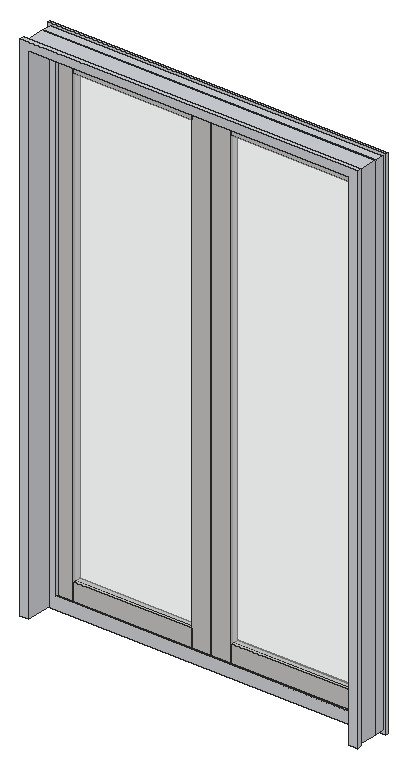
Revit family "APL Residential Thermal Heart French Door Open Out", category Doors, host Wall, Revit 2017 (continued)
Definition of nested family "APL Residential Thermal Heart French Door Open Out Vertical Section"
  Definition of nested family "Open Out Head&Sill"
    Definition of nested family "65310_Open Out Frame"
      Lines and regions (mm)
        model lines, in view "Ref. Level"
          curve 250: line (2.5, 23.9, 0) -> (2.5, 16.5, 0)
          curve 251: line (2.3, 16.3, 0) -> (1.3, 16.3, 0)
          curve 252: line (1.1, 16.5, 0) -> (1.1, 22.9, 0)
          curve 253: line (27.087, 25.768, 0) -> (28.497, 26.282, 0)
          curve 254: line (28.899, 25.974, 0) -> (28.692, 23.608, 0)
          curve 255: line (28.605, 23.422, 0) -> (28.241, 23.059, 0)
          curve 256: line (27.907, 23.148, 0) -> (27.862, 23.316, 0)
          curve 257: line (27.862, 23.316, 0) -> (25.732, 23.99, 0)
          curve 258: line (25.732, 23.99, 0) -> (25.5, 24, 0)
          curve 259: line (25.4, 23.253, 0) -> (25.4, 20.025, 0)
          curve 260: line (25.4, 20.025, 0) -> (25.206, 19.25, 0)
          curve 261: line (25.4, 19, 0) -> (25.921, 19, 0)
          curve 262: line (25.921, 19, 0) -> (27.331, 19.809, 0)
          curve 263: line (27.895, 20, 0) -> (28.145, 20, 0)
          curve 264: line (28.345, 19.8, 0) -> (28.345, 18.984, 0)
          curve 265: line (28.165, 18.6, 0) -> (25.58, 16.446, 0)
          curve 266: line (25.4, 16.062, 0) -> (25.4, 12.438, 0)
          curve 267: line (25.58, 12.054, 0) -> (28.165, 9.9, 0)
          curve 268: line (28.345, 9.516, 0) -> (28.345, 8.7, 0)
          curve 269: line (28.145, 8.5, 0) -> (27.895, 8.5, 0)
          curve 270: line (27.331, 8.691, 0) -> (26.078, 9.456, 0)
          curve 271: line (26.078, 9.456, 0) -> (25.4, 9.5, 0)
          curve 272: line (25.206, 9.25, 0) -> (25.394, 8.525, 0)
          curve 273: line (25.394, 8.525, 0) -> (25.4, 5.247, 0)
          curve 274: line (25.654, 4.5, 0) -> (27.721, 5.043, 0)
          curve 275: line (27.721, 5.043, 0) -> (27.907, 5.352, 0)
          curve 276: line (28.241, 5.441, 0) -> (28.605, 5.078, 0)
          curve 277: line (28.692, 4.892, 0) -> (28.899, 2.526, 0)
          curve 278: line (28.497, 2.218, 0) -> (27.087, 2.732, 0)
          curve 279: line (26.317, 3, 0) -> (24, 3, 0)
          curve 280: line (23.046, 3.7, 0) -> (17.783, 3.7, 0)
          curve 281: line (17.783, 3.7, 0) -> (17.559, 3.559, 0)
          curve 282: line (17.559, 3.559, 0) -> (12.4, 3.5, 0)
          curve 283: line (12.4, 3.5, 0) -> (12, 3.9, 0)
          curve 284: line (12, 3.9, 0) -> (11.6, 3.5, 0)
          curve 285: line (11.6, 3.5, 0) -> (6.583, 3.5, 0)
          curve 286: line (6.583, 3.5, 0) -> (6.359, 3.641, 0)
          curve 287: line (6.359, 3.641, 0) -> (0.5, 3.7, 0)
          curve 288: line (0, 3.2, 0) -> (0, -1.801, 0)
          curve 289: line (-0.41, -2.791, 0) -> (-5.407, -7.787, 0)
          curve 290: line (-5.7, -8.495, 0) -> (-5.7, -14.159, 0)
          curve 291: line (-0.495, -18.8, 0) -> (-0.2, -18.8, 0)
          curve 292: line (0, -19, 0) -> (0, -19.8, 0)
          curve 293: line (-0.2, -20, 0) -> (-6, -20, 0)
          curve 294: line (-7, -19, 0) -> (-7, -10.063, 0)
          curve 295: line (-8.072, -7.765, 0) -> (-14.428, -2.431, 0)
          curve 296: line (-15.5, -0.133, 0) -> (-15.5, 33, 0)
          curve 297: line (-14.5, 34, 0) -> (-12.1, 34, 0)
          curve 298: line (-11.4, 32.6, 0) -> (-14.1, 32.6, 0)
          curve 299: line (-14.1, 32.6, 0) -> (-14.1, 29.3, 0)
          curve 300: line (-14.1, 29.3, 0) -> (-12.1, 29.3, 0)
          curve 301: line (-11.4, 29.112, 0) -> (-5.375, 25.634, 0)
          curve 302: line (-4.875, 25.5, 0) -> (-2, 25.5, 0)
          curve 303: line (-2, 25.5, 0) -> (-1.6, 25.1, 0)
          curve 304: line (-1.6, 25.1, 0) -> (-1.2, 25.5, 0)
          curve 305: line (-1.2, 25.5, 0) -> (4.1, 25.5, 0)
          curve 306: line (4.1, 25.5, 0) -> (4.5, 25.1, 0)
          curve 307: line (4.5, 25.1, 0) -> (4.9, 25.5, 0)
          curve 308: line (4.9, 25.5, 0) -> (26.317, 25.5, 0)
          curve 309: arc (25.4, 19.939, 0) -> (25.517, 19.656, 0) -> (25.8, 19.539, 0) r 0.4
          curve 310: arc (26.093, 19.539, 0) -> (26.196, 19.553, 0) -> (26.293, 19.593, 0) r 0.4
          curve 311: arc (27.821, 20.478, 0) -> (28.111, 20.598, 0) -> (28.422, 20.639, 0) r 1.2
          curve 312: arc (29.345, 20.639, 0) -> (29.918, 20.82, 0) -> (30.284, 21.297, 0) r 1
          curve 313: arc (31.077, 23.476, 0) -> (31.224, 23.667, 0) -> (31.453, 23.739, 0) r 0.4
          curve 314: arc (37.947, 23.739, 0) -> (38.176, 23.667, 0) -> (38.323, 23.476, 0) r 0.4
          curve 315: arc (39.116, 21.297, 0) -> (39.482, 20.82, 0) -> (40.055, 20.639, 0) r 1
          curve 316: arc (40.978, 20.639, 0) -> (41.289, 20.598, 0) -> (41.579, 20.478, 0) r 1.2
          curve 317: arc (43.107, 19.593, 0) -> (43.204, 19.553, 0) -> (43.307, 19.539, 0) r 0.4
          curve 318: arc (43.6, 19.539, 0) -> (43.883, 19.656, 0) -> (44, 19.939, 0) r 0.4
          curve 319: arc (44, 23.339, 0) -> (43.883, 23.622, 0) -> (43.6, 23.739, 0) r 0.4
          curve 320: arc (43.307, 23.739, 0) -> (43.204, 23.725, 0) -> (43.107, 23.685, 0) r 0.4
          curve 321: arc (41.579, 22.801, 0) -> (41.285, 22.679, 0) -> (40.97, 22.639, 0) r 1.2
          curve 322: arc (40.97, 22.639, 0) -> (40.795, 22.692, 0) -> (40.684, 22.836, 0) r 0.3
          curve 323: arc (39.796, 25.276, 0) -> (39.649, 25.467, 0) -> (39.42, 25.539, 0) r 0.4
          curve 324: arc (29.98, 25.539, 0) -> (29.751, 25.467, 0) -> (29.604, 25.276, 0) r 0.4
          curve 325: arc (28.716, 22.836, 0) -> (28.605, 22.692, 0) -> (28.43, 22.639, 0) r 0.3
          curve 326: arc (28.43, 22.639, 0) -> (28.115, 22.679, 0) -> (27.821, 22.801, 0) r 1.2
          curve 327: arc (26.293, 23.685, 0) -> (26.196, 23.725, 0) -> (26.093, 23.739, 0) r 0.4
          curve 328: arc (25.8, 23.739, 0) -> (25.517, 23.622, 0) -> (25.4, 23.339, 0) r 0.4
          curve 329: line (25.8, 19.539, 0) -> (26.093, 19.539, 0)
          curve 330: line (26.293, 19.593, 0) -> (27.821, 20.478, 0)
          curve 331: line (28.422, 20.639, 0) -> (29.345, 20.639, 0)
          curve 332: line (30.284, 21.297, 0) -> (31.077, 23.476, 0)
          curve 333: line (31.453, 23.739, 0) -> (37.947, 23.739, 0)
          curve 334: line (38.323, 23.476, 0) -> (39.116, 21.297, 0)
          curve 335: line (40.055, 20.639, 0) -> (40.978, 20.639, 0)
          curve 336: line (41.579, 20.478, 0) -> (43.107, 19.593, 0)
          curve 337: line (43.307, 19.539, 0) -> (43.6, 19.539, 0)
          curve 338: line (44, 19.939, 0) -> (44, 23.339, 0)
          curve 339: line (43.6, 23.739, 0) -> (43.307, 23.739, 0)
          curve 340: line (43.107, 23.685, 0) -> (41.579, 22.801, 0)
          curve 341: line (40.684, 22.836, 0) -> (39.796, 25.276, 0)
          curve 342: line (39.42, 25.539, 0) -> (29.98, 25.539, 0)
          curve 343: line (29.604, 25.276, 0) -> (28.716, 22.836, 0)
          curve 344: line (27.821, 22.801, 0) -> (26.293, 23.685, 0)
          curve 345: line (26.093, 23.739, 0) -> (25.8, 23.739, 0)
          curve 346: line (25.4, 23.339, 0) -> (25.4, 19.939, 0)
      Text (mm)
        text "65310" at (6.108, 51.612, 0), in view "Ref. Level"
    Definition of nested family "65200_Rail"
      Reference planes
        plane 1 "Center (Front/Back)": y = 0
        plane 2: z = 0
        plane 3 "Center (Left/Right)": x = 0
      Lines and regions (mm)
        model lines, in view "Ref. Level"
          curve 1: arc (21.508, 72.285, 0) -> (21.289, 71.405, 0) -> (21.948, 70.781, 0) r 0.9
          curve 2: arc (21.948, 70.781, 0) -> (22.059, 70.711, 0) -> (22.103, 70.587, 0) r 0.2
          curve 3: arc (22.103, 69.98, 0) -> (22.249, 69.626, 0) -> (22.603, 69.48, 0) r 0.5
          curve 4: arc (26.4, 69.48, 0) -> (26.754, 69.626, 0) -> (26.9, 69.98, 0) r 0.5
          curve 5: arc (26.9, 72.45, 0) -> (26.772, 72.668, 0) -> (26.519, 72.663, 0) r 0.25
          curve 6: arc (26.434, 72.611, 0) -> (26.328, 72.479, 0) -> (26.331, 72.309, 0) r 0.25
          curve 7: arc (25.077, 71.544, 0) -> (25.002, 71.511, 0) -> (24.921, 71.5, 0) r 0.3
          curve 8: arc (24.4, 71.5, 0) -> (24.242, 71.578, 0) -> (24.206, 71.75, 0) r 0.2
          curve 9: arc (24.4, 75.753, 0) -> (24.374, 75.875, 0) -> (24.3, 75.976, 0) r 0.3
          curve 10: arc (24.3, 75.976, 0) -> (24.22, 76.307, 0) -> (24.5, 76.5, 0) r 0.3
          curve 11: arc (26.721, 75.957, 0) -> (26.81, 75.905, 0) -> (26.862, 75.816, 0) r 0.2
          curve 12: arc (26.907, 75.648, 0) -> (27.048, 75.507, 0) -> (27.241, 75.559, 0) r 0.2
          curve 13: arc (27.605, 75.922, 0) -> (27.665, 76.008, 0) -> (27.692, 76.108, 0) r 0.3
          curve 14: arc (27.899, 78.474, 0) -> (27.783, 78.738, 0) -> (27.497, 78.782, 0) r 0.3
          curve 15: arc (26.087, 78.268, 0) -> (25.961, 78.181, 0) -> (25.895, 78.043, 0) r 0.3
          curve 16: arc (25.895, 78.043, 0) -> (25.622, 77.801, 0) -> (25.317, 78, 0) r 0.3
          curve 17: arc (9.5, 78, 0) -> (9.359, 77.941, 0) -> (9.3, 77.8, 0) r 0.2
          curve 18: arc (9.3, 77.5, 0) -> (9.38, 77.2, 0) -> (9.6, 76.98, 0) r 0.6
          curve 19: arc (10.7, 76.345, 0) -> (10.773, 76.272, 0) -> (10.8, 76.172, 0) r 0.2
          curve 20: arc (10.8, 72.08, 0) -> (10.507, 71.373, 0) -> (9.8, 71.08, 0) r 1
          curve 21: arc (2.42, 71.08, 0) -> (1.721, 71.366, 0) -> (1.421, 72.06, 0) r 1
          curve 22: arc (1.322, 76.935, 0) -> (1.357, 77.052, 0) -> (1.453, 77.127, 0) r 0.2
          curve 23: arc (1.453, 77.127, 0) -> (1.621, 77.234, 0) -> (1.725, 77.403, 0) r 0.45
          curve 24: arc (1.725, 77.403, 0) -> (1.729, 77.522, 0) -> (1.665, 77.621, 0) r 0.2
          curve 25: arc (0.2, 78, 0) -> (0.059, 77.941, 0) -> (0, 77.8, 0) r 0.2
          curve 26: arc (0, 0.501, 0) -> (0.146, 0.147, 0) -> (0.5, 0, 0) r 0.5
          curve 27: arc (1, 0, 0) -> (1.354, 0.146, 0) -> (1.5, 0.5, 0) r 0.5
          curve 28: arc (1.5, 10.66, 0) -> (1.559, 10.801, 0) -> (1.7, 10.86, 0) r 0.2
          curve 29: arc (31.317, 10.86, 0) -> (31.622, 11.059, 0) -> (31.895, 10.817, 0) r 0.3
          curve 30: arc (31.895, 10.817, 0) -> (31.961, 10.679, 0) -> (32.087, 10.592, 0) r 0.3
          curve 31: arc (33.497, 10.078, 0) -> (33.783, 10.122, 0) -> (33.899, 10.386, 0) r 0.3
          curve 32: arc (33.692, 12.752, 0) -> (33.665, 12.852, 0) -> (33.605, 12.938, 0) r 0.3
          curve 33: arc (33.241, 13.301, 0) -> (33.048, 13.353, 0) -> (32.907, 13.212, 0) r 0.2
          curve 34: arc (32.862, 13.044, 0) -> (32.81, 12.955, 0) -> (32.721, 12.903, 0) r 0.2
          curve 35: arc (30.5, 12.36, 0) -> (30.22, 12.553, 0) -> (30.3, 12.884, 0) r 0.3
          curve 36: arc (30.3, 12.884, 0) -> (30.374, 12.985, 0) -> (30.4, 13.107, 0) r 0.3
          curve 37: arc (30.206, 17.11, 0) -> (30.242, 17.282, 0) -> (30.4, 17.36, 0) r 0.2
          curve 38: arc (30.921, 17.36, 0) -> (31.002, 17.349, 0) -> (31.077, 17.316, 0) r 0.3
          curve 39: arc (32.331, 16.551, 0) -> (32.328, 16.381, 0) -> (32.434, 16.249, 0) r 0.25
          curve 40: arc (32.519, 16.197, 0) -> (32.772, 16.192, 0) -> (32.9, 16.41, 0) r 0.25
          curve 41: arc (32.9, 18.88, 0) -> (32.754, 19.234, 0) -> (32.4, 19.38, 0) r 0.5
          curve 42: arc (29, 19.38, 0) -> (28.646, 19.234, 0) -> (28.5, 18.88, 0) r 0.5
          curve 43: arc (28.5, 12.96, 0) -> (28.354, 12.606, 0) -> (28, 12.46, 0) r 0.5
          curve 44: arc (23.847, 12.46, 0) -> (23.416, 12.707, 0) -> (23.41, 13.203, 0) r 0.5
          curve 45: arc (23.41, 13.203, 0) -> (23.869, 15.613, 0) -> (22.798, 17.82, 0) r 3.9
          curve 46: arc (22.798, 17.82, 0) -> (21.525, 17.837, 0) -> (21.508, 16.565, 0) r 0.9
          curve 47: arc (21.508, 16.565, 0) -> (22.103, 15.1, 0) -> (21.508, 13.635, 0) r 2.1
          curve 48: arc (21.508, 13.635, 0) -> (21.382, 13.473, 0) -> (21.297, 13.286, 0) r 0.9
          curve 49: arc (21.297, 13.286, 0) -> (21.199, 13.114, 0) -> (21.043, 12.993, 0) r 0.5
          curve 50: arc (21.043, 12.993, 0) -> (20.003, 12.75, 0) -> (18.962, 12.993, 0) r 2.35
          curve 51: arc (18.962, 12.993, 0) -> (18.806, 13.114, 0) -> (18.708, 13.286, 0) r 0.5
          curve 52: arc (18.708, 13.286, 0) -> (18.623, 13.473, 0) -> (18.498, 13.635, 0) r 0.9
          curve 53: arc (18.498, 13.635, 0) -> (17.903, 15.1, 0) -> (18.498, 16.565, 0) r 2.1
          curve 54: arc (18.498, 16.565, 0) -> (18.48, 17.837, 0) -> (17.208, 17.82, 0) r 0.9
          curve 55: arc (17.208, 17.82, 0) -> (16.136, 15.613, 0) -> (16.595, 13.203, 0) r 3.9
          curve 56: arc (16.595, 13.203, 0) -> (16.589, 12.707, 0) -> (16.158, 12.46, 0) r 0.5
          curve 57: arc (2.1, 12.46, 0) -> (1.746, 12.606, 0) -> (1.6, 12.96, 0) r 0.5
          curve 58: arc (1.6, 68.98, 0) -> (1.746, 69.334, 0) -> (2.1, 69.48, 0) r 0.5
          curve 59: arc (9.8, 69.48, 0) -> (11.638, 70.242, 0) -> (12.4, 72.08, 0) r 2.6
          curve 60: arc (12.4, 75.9, 0) -> (12.546, 76.254, 0) -> (12.9, 76.4, 0) r 0.5
          curve 61: line (22.103, 70.587, 0) -> (22.103, 69.98, 0)
          curve 62: line (22.603, 69.48, 0) -> (26.4, 69.48, 0)
          curve 63: line (26.9, 69.98, 0) -> (26.9, 72.45, 0)
          curve 64: line (26.331, 72.309, 0) -> (25.077, 71.544, 0)
          curve 65: line (25.077, 71.544, 0) -> (24.4, 71.5, 0)
          curve 66: line (24.206, 71.75, 0) -> (24.394, 72.475, 0)
          curve 67: line (24.394, 72.475, 0) -> (24.4, 75.753, 0)
          curve 68: line (24.654, 76.5, 0) -> (26.721, 75.957, 0)
          curve 69: line (26.721, 75.957, 0) -> (26.907, 75.648, 0)
          curve 70: line (27.241, 75.559, 0) -> (27.605, 75.922, 0)
          curve 71: line (27.692, 76.108, 0) -> (27.899, 78.474, 0)
          curve 72: line (27.497, 78.782, 0) -> (26.087, 78.268, 0)
          curve 73: line (25.317, 78, 0) -> (9.5, 78, 0)
          curve 74: line (9.3, 77.8, 0) -> (9.3, 77.5, 0)
          curve 75: line (9.6, 76.98, 0) -> (10.7, 76.345, 0)
          curve 76: line (10.8, 76.172, 0) -> (10.8, 72.08, 0)
          curve 77: line (9.8, 71.08, 0) -> (2.42, 71.08, 0)
          curve 78: line (1.421, 72.06, 0) -> (1.322, 76.935, 0)
          curve 79: line (1.665, 77.621, 0) -> (1.269, 77.953, 0)
          curve 80: line (1.269, 77.953, 0) -> (0.2, 78, 0)
          curve 81: line (0, 77.8, 0) -> (0, 0.501, 0)
          curve 82: line (0.5, 0, 0) -> (1, 0, 0)
          curve 83: line (1.5, 0.5, 0) -> (1.5, 10.66, 0)
          curve 84: line (1.7, 10.86, 0) -> (31.317, 10.86, 0)
          curve 85: line (32.087, 10.592, 0) -> (33.497, 10.078, 0)
          curve 86: line (33.899, 10.386, 0) -> (33.692, 12.752, 0)
          curve 87: line (33.605, 12.938, 0) -> (33.241, 13.301, 0)
          curve 88: line (32.907, 13.212, 0) -> (32.862, 13.044, 0)
          curve 89: line (32.862, 13.044, 0) -> (30.732, 12.37, 0)
          curve 90: line (30.732, 12.37, 0) -> (30.5, 12.36, 0)
          curve 91: line (30.4, 13.107, 0) -> (30.4, 16.335, 0)
          curve 92: line (30.4, 16.335, 0) -> (30.206, 17.11, 0)
          curve 93: line (30.4, 17.36, 0) -> (30.921, 17.36, 0)
          curve 94: line (30.921, 17.36, 0) -> (32.331, 16.551, 0)
          curve 95: line (32.9, 16.41, 0) -> (32.9, 18.88, 0)
          curve 96: line (32.4, 19.38, 0) -> (29, 19.38, 0)
          curve 97: line (28.5, 18.88, 0) -> (28.5, 12.96, 0)
          curve 98: line (28, 12.46, 0) -> (23.847, 12.46, 0)
          curve 99: line (16.158, 12.46, 0) -> (2.1, 12.46, 0)
          curve 100: line (1.6, 12.96, 0) -> (1.6, 68.98, 0)
          curve 101: line (2.1, 69.48, 0) -> (9.8, 69.48, 0)
          curve 102: line (12.4, 72.08, 0) -> (12.4, 75.9, 0)
          curve 103: line (12.9, 76.4, 0) -> (16.164, 76.4, 0)
          curve 104: arc (16.164, 76.4, 0) -> (16.595, 76.153, 0) -> (16.6, 75.656, 0) r 0.5
          curve 105: arc (16.6, 75.656, 0) -> (16.136, 73.242, 0) -> (17.208, 71.03, 0) r 3.9
          curve 106: arc (17.208, 71.03, 0) -> (18.48, 71.013, 0) -> (18.498, 72.285, 0) r 0.9
          curve 107: arc (18.498, 72.285, 0) -> (17.903, 73.75, 0) -> (18.498, 75.215, 0) r 2.1
          curve 108: arc (18.498, 75.215, 0) -> (18.623, 75.377, 0) -> (18.708, 75.564, 0) r 0.9
          curve 109: arc (18.708, 75.564, 0) -> (18.806, 75.736, 0) -> (18.962, 75.857, 0) r 0.5
          curve 110: arc (18.962, 75.857, 0) -> (20.003, 76.1, 0) -> (21.043, 75.857, 0) r 2.35
          curve 111: arc (21.043, 75.857, 0) -> (21.199, 75.736, 0) -> (21.297, 75.564, 0) r 0.5
          curve 112: arc (21.297, 75.564, 0) -> (21.382, 75.377, 0) -> (21.508, 75.215, 0) r 0.9
          curve 113: arc (21.508, 75.215, 0) -> (22.103, 73.75, 0) -> (21.508, 72.285, 0) r 2.1
          curve 114: arc (30.4, 16.46, 0) -> (30.517, 16.743, 0) -> (30.8, 16.86, 0) r 0.4
          curve 115: arc (31.093, 16.86, 0) -> (31.196, 16.846, 0) -> (31.293, 16.806, 0) r 0.4
          curve 116: arc (32.821, 15.921, 0) -> (33.111, 15.801, 0) -> (33.422, 15.76, 0) r 1.2
          curve 117: arc (34.345, 15.76, 0) -> (34.918, 15.579, 0) -> (35.284, 15.102, 0) r 1
          curve 118: arc (36.077, 12.923, 0) -> (36.224, 12.732, 0) -> (36.453, 12.66, 0) r 0.4
          curve 119: arc (42.947, 12.66, 0) -> (43.176, 12.732, 0) -> (43.323, 12.923, 0) r 0.4
          curve 120: arc (44.116, 15.102, 0) -> (44.482, 15.579, 0) -> (45.055, 15.76, 0) r 1
          curve 121: arc (45.978, 15.76, 0) -> (46.289, 15.801, 0) -> (46.579, 15.921, 0) r 1.2
          curve 122: arc (48.107, 16.806, 0) -> (48.204, 16.846, 0) -> (48.307, 16.86, 0) r 0.4
          curve 123: arc (48.6, 16.86, 0) -> (48.883, 16.743, 0) -> (49, 16.46, 0) r 0.4
          curve 124: arc (49, 13.06, 0) -> (48.883, 12.777, 0) -> (48.6, 12.66, 0) r 0.4
          curve 125: arc (48.307, 12.66, 0) -> (48.204, 12.674, 0) -> (48.107, 12.714, 0) r 0.4
          curve 126: arc (46.579, 13.599, 0) -> (46.285, 13.72, 0) -> (45.97, 13.76, 0) r 1.2
          curve 127: arc (45.97, 13.76, 0) -> (45.795, 13.707, 0) -> (45.684, 13.563, 0) r 0.3
          curve 128: arc (44.796, 11.123, 0) -> (44.649, 10.932, 0) -> (44.42, 10.86, 0) r 0.4
          curve 129: arc (34.98, 10.86, 0) -> (34.751, 10.932, 0) -> (34.604, 11.123, 0) r 0.4
          curve 130: arc (33.716, 13.563, 0) -> (33.605, 13.707, 0) -> (33.43, 13.76, 0) r 0.3
          curve 131: arc (33.43, 13.76, 0) -> (33.115, 13.72, 0) -> (32.821, 13.599, 0) r 1.2
          curve 132: arc (31.293, 12.714, 0) -> (31.196, 12.674, 0) -> (31.093, 12.66, 0) r 0.4
          curve 133: arc (30.8, 12.66, 0) -> (30.517, 12.777, 0) -> (30.4, 13.06, 0) r 0.4
          curve 134: line (30.8, 16.86, 0) -> (31.093, 16.86, 0)
          curve 135: line (31.293, 16.806, 0) -> (32.821, 15.921, 0)
          curve 136: line (33.422, 15.76, 0) -> (34.345, 15.76, 0)
          curve 137: line (35.284, 15.102, 0) -> (36.077, 12.923, 0)
          curve 138: line (36.453, 12.66, 0) -> (42.947, 12.66, 0)
          curve 139: line (43.323, 12.923, 0) -> (44.116, 15.102, 0)
          curve 140: line (45.055, 15.76, 0) -> (45.978, 15.76, 0)
          curve 141: line (46.579, 15.921, 0) -> (48.107, 16.806, 0)
          curve 142: line (48.307, 16.86, 0) -> (48.6, 16.86, 0)
          curve 143: line (49, 16.46, 0) -> (49, 13.06, 0)
          curve 144: line (48.6, 12.66, 0) -> (48.307, 12.66, 0)
          curve 145: line (48.107, 12.714, 0) -> (46.579, 13.599, 0)
          curve 146: line (45.684, 13.563, 0) -> (44.796, 11.123, 0)
          curve 147: line (44.42, 10.86, 0) -> (34.98, 10.86, 0)
          curve 148: line (34.604, 11.123, 0) -> (33.716, 13.563, 0)
          curve 149: line (32.821, 13.599, 0) -> (31.293, 12.714, 0)
          curve 150: line (31.093, 12.66, 0) -> (30.8, 12.66, 0)
          curve 151: line (30.4, 13.06, 0) -> (30.4, 16.46, 0)
          curve 152: arc (24.4, 72.4, 0) -> (24.517, 72.117, 0) -> (24.8, 72, 0) r 0.4
          curve 153: arc (25.093, 72, 0) -> (25.196, 72.014, 0) -> (25.293, 72.054, 0) r 0.4
          curve 154: arc (26.821, 72.939, 0) -> (27.111, 73.059, 0) -> (27.422, 73.1, 0) r 1.2
          curve 155: arc (28.345, 73.1, 0) -> (28.918, 73.281, 0) -> (29.284, 73.758, 0) r 1
          curve 156: arc (30.077, 75.937, 0) -> (30.224, 76.128, 0) -> (30.453, 76.2, 0) r 0.4
          curve 157: arc (36.947, 76.2, 0) -> (37.176, 76.128, 0) -> (37.323, 75.937, 0) r 0.4
          curve 158: arc (38.116, 73.758, 0) -> (38.482, 73.281, 0) -> (39.055, 73.1, 0) r 1
          curve 159: arc (39.978, 73.1, 0) -> (40.289, 73.059, 0) -> (40.579, 72.939, 0) r 1.2
          curve 160: arc (42.107, 72.054, 0) -> (42.204, 72.014, 0) -> (42.307, 72, 0) r 0.4
          curve 161: arc (42.6, 72, 0) -> (42.883, 72.117, 0) -> (43, 72.4, 0) r 0.4
          curve 162: arc (43, 75.8, 0) -> (42.883, 76.083, 0) -> (42.6, 76.2, 0) r 0.4
          curve 163: arc (42.307, 76.2, 0) -> (42.204, 76.186, 0) -> (42.107, 76.146, 0) r 0.4
          curve 164: arc (40.579, 75.261, 0) -> (40.285, 75.14, 0) -> (39.97, 75.1, 0) r 1.2
          curve 165: arc (39.97, 75.1, 0) -> (39.795, 75.153, 0) -> (39.684, 75.297, 0) r 0.3
          curve 166: arc (38.796, 77.737, 0) -> (38.649, 77.928, 0) -> (38.42, 78, 0) r 0.4
          curve 167: arc (28.98, 78, 0) -> (28.751, 77.928, 0) -> (28.604, 77.737, 0) r 0.4
          curve 168: arc (27.716, 75.297, 0) -> (27.605, 75.153, 0) -> (27.43, 75.1, 0) r 0.3
          curve 169: arc (27.43, 75.1, 0) -> (27.115, 75.14, 0) -> (26.821, 75.261, 0) r 1.2
          curve 170: arc (25.293, 76.146, 0) -> (25.196, 76.186, 0) -> (25.093, 76.2, 0) r 0.4
          curve 171: arc (24.8, 76.2, 0) -> (24.517, 76.083, 0) -> (24.4, 75.8, 0) r 0.4
          curve 172: line (24.8, 72, 0) -> (25.093, 72, 0)
          curve 173: line (25.293, 72.054, 0) -> (26.821, 72.939, 0)
          curve 174: line (27.422, 73.1, 0) -> (28.345, 73.1, 0)
          curve 175: line (29.284, 73.758, 0) -> (30.077, 75.937, 0)
          curve 176: line (30.453, 76.2, 0) -> (36.947, 76.2, 0)
          curve 177: line (37.323, 75.937, 0) -> (38.116, 73.758, 0)
          curve 178: line (39.055, 73.1, 0) -> (39.978, 73.1, 0)
          curve 179: line (40.579, 72.939, 0) -> (42.107, 72.054, 0)
          curve 180: line (42.307, 72, 0) -> (42.6, 72, 0)
          curve 181: line (43, 72.4, 0) -> (43, 75.8, 0)
          curve 182: line (42.6, 76.2, 0) -> (42.307, 76.2, 0)
          curve 183: line (42.107, 76.146, 0) -> (40.579, 75.261, 0)
          curve 184: line (39.684, 75.297, 0) -> (38.796, 77.737, 0)
          curve 185: line (38.42, 78, 0) -> (28.98, 78, 0)
          curve 186: line (28.604, 77.737, 0) -> (27.716, 75.297, 0)
          curve 187: line (26.821, 75.261, 0) -> (25.293, 76.146, 0)
          curve 188: line (25.093, 76.2, 0) -> (24.8, 76.2, 0)
          curve 189: line (24.4, 75.8, 0) -> (24.4, 72.4, 0)
          curve 190: arc (44.4, 69.6, 0) -> (44.754, 69.746, 0) -> (44.9, 70.1, 0) r 0.5
          curve 191: arc (44.9, 76.091, 0) -> (44.955, 76.318, 0) -> (45.108, 76.496, 0) r 0.5
          curve 192: arc (45.108, 76.496, 0) -> (45.336, 76.687, 0) -> (45.535, 76.908, 0) r 2.1
          curve 193: arc (45.535, 76.908, 0) -> (45.71, 77.049, 0) -> (45.929, 77.1, 0) r 0.5
          curve 194: arc (49, 77.1, 0) -> (49.354, 76.954, 0) -> (49.5, 76.6, 0) r 0.5
          curve 195: arc (49.5, 23.4, 0) -> (49.354, 23.046, 0) -> (49, 22.9, 0) r 0.5
          curve 196: arc (44.8, 22.9, 0) -> (44.659, 22.841, 0) -> (44.6, 22.7, 0) r 0.2
          curve 197: arc (44.6, 21.1, 0) -> (44.659, 20.959, 0) -> (44.8, 20.9, 0) r 0.2
          curve 198: arc (49.295, 20.9, 0) -> (49.436, 20.841, 0) -> (49.495, 20.7, 0) r 0.2
          curve 199: arc (49.495, 19.46, 0) -> (49.436, 19.319, 0) -> (49.295, 19.26, 0) r 0.2
          curve 200: arc (47.809, 19.26, 0) -> (47.674, 19.241, 0) -> (47.549, 19.187, 0) r 0.5
          curve 201: arc (46.979, 18.839, 0) -> (46.628, 18.475, 0) -> (46.5, 17.986, 0) r 1
          curve 202: arc (46.5, 16.41, 0) -> (46.628, 16.192, 0) -> (46.88, 16.197, 0) r 0.25
          curve 203: arc (46.966, 16.249, 0) -> (47.072, 16.381, 0) -> (47.069, 16.551, 0) r 0.25
          curve 204: arc (48.323, 17.316, 0) -> (48.398, 17.349, 0) -> (48.479, 17.36, 0) r 0.3
          curve 205: arc (49, 17.36, 0) -> (49.158, 17.282, 0) -> (49.194, 17.11, 0) r 0.2
          curve 206: arc (49, 13.107, 0) -> (49.026, 12.985, 0) -> (49.1, 12.884, 0) r 0.3
          curve 207: arc (49.1, 12.884, 0) -> (49.18, 12.553, 0) -> (48.9, 12.36, 0) r 0.3
          curve 208: arc (46.679, 12.903, 0) -> (46.59, 12.955, 0) -> (46.538, 13.044, 0) r 0.2
          curve 209: arc (46.493, 13.212, 0) -> (46.352, 13.353, 0) -> (46.159, 13.301, 0) r 0.2
          curve 210: arc (45.795, 12.938, 0) -> (45.735, 12.852, 0) -> (45.708, 12.752, 0) r 0.3
          curve 211: arc (45.501, 10.386, 0) -> (45.617, 10.122, 0) -> (45.903, 10.078, 0) r 0.3
          curve 212: arc (47.313, 10.592, 0) -> (47.439, 10.679, 0) -> (47.505, 10.817, 0) r 0.3
          curve 213: arc (47.505, 10.817, 0) -> (47.778, 11.059, 0) -> (48.083, 10.86, 0) r 0.3
          curve 214: arc (49.4, 10.86, 0) -> (49.754, 10.714, 0) -> (49.9, 10.36, 0) r 0.5
          curve 215: arc (49.9, 0.5, 0) -> (50.046, 0.146, 0) -> (50.4, 0, 0) r 0.5
          curve 216: arc (50.9, 0, 0) -> (51.254, 0.146, 0) -> (51.4, 0.5, 0) r 0.5
          curve 217: arc (51.4, 96.5, 0) -> (51.254, 96.854, 0) -> (50.9, 97, 0) r 0.5
          curve 218: arc (43, 97, 0) -> (42.646, 96.854, 0) -> (42.5, 96.5, 0) r 0.5
          curve 219: arc (42.5, 95.25, 0) -> (43, 94.75, 0) -> (43.5, 95.25, 0) r 0.5
          curve 220: arc (43.5, 95.8, 0) -> (43.559, 95.941, 0) -> (43.7, 96, 0) r 0.2
          curve 221: arc (44.8, 96, 0) -> (44.941, 95.941, 0) -> (45, 95.8, 0) r 0.2
          curve 222: arc (45, 90.7, 0) -> (44.941, 90.559, 0) -> (44.8, 90.5, 0) r 0.2
          curve 223: arc (43.7, 90.5, 0) -> (43.559, 90.559, 0) -> (43.5, 90.7, 0) r 0.2
          curve 224: arc (43.5, 91.25, 0) -> (43, 91.75, 0) -> (42.5, 91.25, 0) r 0.5
          curve 225: arc (42.5, 89.7, 0) -> (42.559, 89.559, 0) -> (42.7, 89.5, 0) r 0.2
          curve 226: arc (46.3, 89.5, 0) -> (46.441, 89.559, 0) -> (46.5, 89.7, 0) r 0.2
          curve 227: arc (46.5, 95, 0) -> (46.646, 95.354, 0) -> (47, 95.5, 0) r 0.5
          curve 228: arc (49, 95.5, 0) -> (49.354, 95.354, 0) -> (49.5, 95, 0) r 0.5
          curve 229: arc (49.5, 79.5, 0) -> (49.354, 79.146, 0) -> (49, 79, 0) r 0.5
          curve 230: arc (44.88, 79, 0) -> (44.739, 78.941, 0) -> (44.68, 78.8, 0) r 0.2
          curve 231: arc (44.68, 78.2, 0) -> (44.621, 78.059, 0) -> (44.48, 78, 0) r 0.2
          curve 232: arc (42.083, 78, 0) -> (41.778, 77.801, 0) -> (41.505, 78.043, 0) r 0.3
          curve 233: arc (41.505, 78.043, 0) -> (41.439, 78.181, 0) -> (41.313, 78.268, 0) r 0.3
          curve 234: arc (39.903, 78.782, 0) -> (39.617, 78.738, 0) -> (39.501, 78.474, 0) r 0.3
          curve 235: arc (39.708, 76.108, 0) -> (39.735, 76.008, 0) -> (39.795, 75.922, 0) r 0.3
          curve 236: arc (40.159, 75.559, 0) -> (40.352, 75.507, 0) -> (40.493, 75.648, 0) r 0.2
          curve 237: arc (40.538, 75.816, 0) -> (40.59, 75.905, 0) -> (40.679, 75.957, 0) r 0.2
          curve 238: arc (42.9, 76.5, 0) -> (43.18, 76.307, 0) -> (43.1, 75.976, 0) r 0.3
          curve 239: arc (43.1, 75.976, 0) -> (43.026, 75.875, 0) -> (43, 75.753, 0) r 0.3
          curve 240: arc (43.194, 71.75, 0) -> (43.158, 71.578, 0) -> (43, 71.5, 0) r 0.2
          curve 241: arc (42.479, 71.5, 0) -> (42.398, 71.511, 0) -> (42.323, 71.544, 0) r 0.3
          curve 242: arc (41.069, 72.309, 0) -> (41.072, 72.479, 0) -> (40.966, 72.611, 0) r 0.25
          curve 243: arc (40.88, 72.663, 0) -> (40.628, 72.668, 0) -> (40.5, 72.45, 0) r 0.25
          curve 244: arc (40.5, 70.874, 0) -> (40.628, 70.385, 0) -> (40.979, 70.021, 0) r 1
          curve 245: arc (41.549, 69.673, 0) -> (41.674, 69.619, 0) -> (41.809, 69.6, 0) r 0.5
          curve 246: line (44.9, 70.1, 0) -> (44.9, 76.091, 0)
          curve 247: line (45.929, 77.1, 0) -> (49, 77.1, 0)
          curve 248: line (49.5, 76.6, 0) -> (49.5, 23.4, 0)
          curve 249: line (49, 22.9, 0) -> (44.8, 22.9, 0)
          curve 250: line (44.6, 22.7, 0) -> (44.6, 21.1, 0)
          curve 251: line (44.8, 20.9, 0) -> (49.295, 20.9, 0)
          curve 252: line (49.495, 20.7, 0) -> (49.495, 19.46, 0)
          curve 253: line (49.295, 19.26, 0) -> (47.809, 19.26, 0)
          curve 254: line (47.549, 19.187, 0) -> (46.979, 18.839, 0)
          curve 255: line (46.5, 17.986, 0) -> (46.5, 16.41, 0)
          curve 256: line (47.069, 16.551, 0) -> (48.323, 17.316, 0)
          curve 257: line (48.323, 17.316, 0) -> (49, 17.36, 0)
          curve 258: line (49.194, 17.11, 0) -> (49.006, 16.385, 0)
          curve 259: line (49.006, 16.385, 0) -> (49, 13.107, 0)
          curve 260: line (48.746, 12.36, 0) -> (46.679, 12.903, 0)
          curve 261: line (46.679, 12.903, 0) -> (46.493, 13.212, 0)
          curve 262: line (46.159, 13.301, 0) -> (45.795, 12.938, 0)
          curve 263: line (45.708, 12.752, 0) -> (45.501, 10.386, 0)
          curve 264: line (45.903, 10.078, 0) -> (47.313, 10.592, 0)
          curve 265: line (48.083, 10.86, 0) -> (49.4, 10.86, 0)
          curve 266: line (49.9, 10.36, 0) -> (49.9, 0.5, 0)
          curve 267: line (50.4, 0, 0) -> (50.9, 0, 0)
          curve 268: line (51.4, 0.5, 0) -> (51.4, 96.5, 0)
          curve 269: line (43, 97, 0) -> (50.9, 97, 0)
          curve 270: line (50.9, 97, 0) -> (43, 97, 0)
          curve 271: line (42.5, 96.5, 0) -> (42.5, 95.25, 0)
          curve 272: line (43.5, 95.25, 0) -> (43.5, 95.8, 0)
          curve 273: line (43.7, 96, 0) -> (44.8, 96, 0)
          curve 274: line (45, 95.8, 0) -> (45, 90.7, 0)
          curve 275: line (44.8, 90.5, 0) -> (43.7, 90.5, 0)
          curve 276: line (43.5, 90.7, 0) -> (43.5, 91.25, 0)
          curve 277: line (42.5, 91.25, 0) -> (42.5, 89.7, 0)
          curve 278: line (42.7, 89.5, 0) -> (46.3, 89.5, 0)
          curve 279: line (46.5, 89.7, 0) -> (46.5, 95, 0)
          curve 280: line (47, 95.5, 0) -> (49, 95.5, 0)
          curve 281: line (49.5, 95, 0) -> (49.5, 79.5, 0)
          curve 282: line (49, 79, 0) -> (44.88, 79, 0)
          curve 283: line (44.68, 78.8, 0) -> (44.68, 78.2, 0)
          curve 284: line (44.48, 78, 0) -> (42.083, 78, 0)
          curve 285: line (41.313, 78.268, 0) -> (39.903, 78.782, 0)
          curve 286: line (39.501, 78.474, 0) -> (39.708, 76.108, 0)
          curve 287: line (39.795, 75.922, 0) -> (40.159, 75.559, 0)
          curve 288: line (40.493, 75.648, 0) -> (40.538, 75.816, 0)
          curve 289: line (40.538, 75.816, 0) -> (42.668, 76.49, 0)
          curve 290: line (42.668, 76.49, 0) -> (42.9, 76.5, 0)
          curve 291: line (43, 75.753, 0) -> (43, 72.525, 0)
          curve 292: line (43, 72.525, 0) -> (43.194, 71.75, 0)
          curve 293: line (43, 71.5, 0) -> (42.479, 71.5, 0)
          curve 294: line (42.479, 71.5, 0) -> (41.069, 72.309, 0)
          curve 295: line (40.5, 72.45, 0) -> (40.5, 70.874, 0)
          curve 296: line (40.979, 70.021, 0) -> (41.549, 69.673, 0)
          curve 297: line (41.809, 69.6, 0) -> (44.4, 69.6, 0)
      Text (mm)
        text "65200" at (8.462, 126.741, 0), in view "Ref. Level"
  Definition of nested family "Glazing Bead"
    Parameters (values of type "Glazing Bead")
      Glass Lenght [instance] = 50 mm
    Reference planes
      plane 1 "Center (Front/Back)": y = 0
      plane 2: z = 0
      plane 3 "Center (Left/Right)": x = 0
      plane 4: y = -50
    Lines and regions (mm)
      Filled region 1, type "Solid Fill - Black", in view "Ref. Level"
        outline origin (0, 0, 0) x (1, 0, 0) y (0, 1, 0)
          loop
            line (4, 0) -> (4, -12) -> (20, -12) -> (20, 0) -> (4, 0)
      model lines, in view "Ref. Level"
        curve 1: line (4, -12, 0) -> (20, -12, 0)
        curve 2: line (0, -50, 0) -> (0, 0, 0)
        curve 3: line (0, 0, 0) -> (24, 0, 0)
        curve 4: line (24, 0, 0) -> (24, -50, 0)
        curve 5: line (20, 0, 0) -> (20, -50, 0)
        curve 6: line (4, 0, 0) -> (4, -50, 0)
      detail lines, in view "Ref. Level"
        curve 7: arc (-0.25, -4.9, 0) -> (0, -5.15, 0) -> (-0.25, -5.4, 0) r 0.25
        curve 8: arc (-0.25, -8.45, 0) -> (0, -8.7, 0) -> (-0.25, -8.95, 0) r 0.25
        curve 9: arc (-0.25, -9.619, 0) -> (0, -9.869, 0) -> (-0.25, -10.119, 0) r 0.25
        curve 10: arc (-0.25, -10.787, 0) -> (0, -11.037, 0) -> (-0.25, -11.287, 0) r 0.25
        curve 11: line (-0.25, -12.456, 0) -> (-1, -12.456, 0)
        curve 12: line (-1, -12.456, 0) -> (-1, -8.45, 0)
        curve 13: line (-1, -8.45, 0) -> (-2.2, -8.45, 0)
        curve 14: line (-2.2, -8.45, 0) -> (-2.2, -9.2, 0)
        curve 15: line (-2.2, -9.2, 0) -> (-2.8, -9.2, 0)
        curve 16: line (-2.8, -9.2, 0) -> (-2.8, -6.1, 0)
        curve 17: line (-2.8, -6.1, 0) -> (-2.2, -6.1, 0)
        curve 18: line (-2.2, -6.1, 0) -> (-2.2, -6.85, 0)
        curve 19: line (-2.2, -6.85, 0) -> (-1, -6.85, 0)
        curve 20: line (-1, -6.85, 0) -> (-1, -4.9, 0)
        curve 21: line (-1, -4.9, 0) -> (-0.25, -4.9, 0)
        curve 22: line (-0.25, -5.4, 0) -> (-0.25, -8.45, 0)
        curve 23: line (-0.25, -8.95, 0) -> (-0.25, -9.619, 0)
        curve 24: line (-0.25, -10.119, 0) -> (-0.25, -10.787, 0)
        curve 25: line (-0.25, -11.287, 0) -> (-0.25, -11.956, 0)
        curve 26: arc (-0.25, -11.956, 0) -> (0, -12.206, 0) -> (-0.25, -12.456, 0) r 0.25
      detail lines, in view "Ref. Level", not visible
        curve 27: arc (-0.25, -4.9, 0) -> (0, -5.15, 0) -> (-0.25, -5.4, 0) r 0.25
        curve 28: arc (-0.25, -8.45, 0) -> (0, -8.7, 0) -> (-0.25, -8.95, 0) r 0.25
        curve 29: arc (-0.25, -9.619, 0) -> (0, -9.869, 0) -> (-0.25, -10.119, 0) r 0.25
        curve 30: arc (-0.25, -10.787, 0) -> (0, -11.037, 0) -> (-0.25, -11.287, 0) r 0.25
        curve 31: line (-0.25, -12.456, 0) -> (-1, -12.456, 0)
        curve 32: line (-1, -12.456, 0) -> (-1, -8.45, 0)
        curve 33: line (-1, -8.45, 0) -> (-2.2, -8.45, 0)
        curve 34: line (-2.2, -8.45, 0) -> (-2.2, -9.2, 0)
        curve 35: line (-2.2, -9.2, 0) -> (-2.8, -9.2, 0)
        curve 36: line (-2.8, -9.2, 0) -> (-2.8, -6.1, 0)
        curve 37: line (-2.8, -6.1, 0) -> (-2.2, -6.1, 0)
        curve 38: line (-2.2, -6.1, 0) -> (-2.2, -6.85, 0)
        curve 39: line (-2.2, -6.85, 0) -> (-1, -6.85, 0)
        curve 40: line (-1, -6.85, 0) -> (-1, -4.9, 0)
        curve 41: line (-1, -4.9, 0) -> (-0.25, -4.9, 0)
        curve 42: line (-0.25, -5.4, 0) -> (-0.25, -8.45, 0)
        curve 43: line (-0.25, -8.95, 0) -> (-0.25, -9.619, 0)
        curve 44: line (-0.25, -10.119, 0) -> (-0.25, -10.787, 0)
        curve 45: line (-0.25, -11.287, 0) -> (-0.25, -11.956, 0)
        curve 46: arc (-0.25, -11.956, 0) -> (0, -12.206, 0) -> (-0.25, -12.456, 0) r 0.25
        curve 47: arc (62.983, -3.041, 0) -> (62.673, -2.901, 0) -> (62.511, -3.2, 0) r 0.25
        curve 48: arc (62.537, -13.088, 0) -> (62.7, -13.387, 0) -> (63.01, -13.247, 0) r 0.25
        curve 49: line (62.511, -3.2, 0) -> (63.505, -7.068, 0)
        curve 50: line (63.505, -7.068, 0) -> (62.502, -7.647, 0)
        curve 51: line (62.502, -7.647, 0) -> (62.502, -8.647, 0)
        curve 52: line (62.502, -8.647, 0) -> (63.527, -9.239, 0)
        curve 53: line (63.527, -9.239, 0) -> (62.537, -13.088, 0)
        curve 54: line (63.01, -13.247, 0) -> (64.734, -9.147, 0)
        curve 55: line (64.734, -9.147, 0) -> (66.002, -9.147, 0)
        curve 56: line (66.002, -9.147, 0) -> (66.002, -10.397, 0)
        curve 57: line (66.002, -10.397, 0) -> (67.002, -10.397, 0)
        curve 58: line (67.002, -10.397, 0) -> (67.002, -5.897, 0)
        curve 59: line (67.002, -5.897, 0) -> (66.002, -5.897, 0)
        curve 60: line (66.002, -5.897, 0) -> (66.002, -7.147, 0)
        curve 61: line (66.002, -7.147, 0) -> (64.71, -7.147, 0)
        curve 62: line (64.71, -7.147, 0) -> (62.983, -3.041, 0)
    Dimensions and locks
      "Glass Lenght": plane 1 "Center (Front/Back)" to plane 4
      aligned and locked: plane 4 to curve 2
      aligned and locked: plane 1 "Center (Front/Back)" to Filled region 1 sketch curve
      aligned and locked: Filled region 1 sketch curve to curve 6
      aligned and locked: Filled region 1 sketch curve to curve 1
      aligned and locked: Filled region 1 sketch curve to curve 5
    Automatic sketch dimensions
      plane 1 "Center (Front/Back)" to curve 2 = 0 mm
      curve 2 to plane 3 "Center (Left/Right)" = 0 mm
      curve 6 to plane 4 = 0 mm
      curve 5 to plane 4 = 0 mm
      curve 4 to plane 4 = 0 mm
      curve 5 to curve 3 = 4 mm
      plane 3 "Center (Left/Right)" to curve 1 = 4 mm
      curve 6 to curve 5 = 16 mm
      plane 1 "Center (Front/Back)" to curve 1 = 12 mm
    Nested families
      nested 1: "65015_Bead" at (-15.5, 6.328, 0), type "65015_Bead", in view "Ref. Level"
    Definition of nested family "65015_Bead"
      Reference planes
        plane 1 "Center (Front/Back)": y = 0
        plane 2: z = 0
        plane 3 "Center (Left/Right)": x = 0
      Lines and regions (mm)
        model lines, in view "Ref. Level"
          curve 1: arc (13.5, 12.78, 0) -> (13.558, 12.92, 0) -> (13.698, 12.978, 0) r 0.198
          curve 2: arc (14.302, 12.978, 0) -> (14.442, 12.918, 0) -> (14.5, 12.777, 0) r 0.201
          curve 3: arc (14.5, 10.175, 0) -> (14.442, 10.036, 0) -> (14.302, 9.978, 0) r 0.198
          curve 4: arc (13.698, 9.978, 0) -> (13.558, 10.036, 0) -> (13.5, 10.175, 0) r 0.198
          curve 5: arc (13.5, 11.027, 0) -> (13.442, 11.169, 0) -> (13.3, 11.228, 0) r 0.2
          curve 6: arc (12.7, 11.228, 0) -> (11.851, 11.579, 0) -> (11.5, 12.428, 0) r 1.2
          curve 7: arc (11.5, 13.628, 0) -> (11.377, 13.813, 0) -> (11.159, 13.769, 0) r 0.2
          curve 8: arc (1.546, 4.157, 0) -> (1.438, 3.995, 0) -> (1.4, 3.804, 0) r 0.5
          curve 9: arc (1.4, 1.817, 0) -> (1.467, 1.567, 0) -> (1.65, 1.384, 0) r 0.5
          curve 10: arc (10.675, -3.827, 0) -> (10.913, -4.714, 0) -> (10.025, -4.952, 0) r 0.65
          curve 11: arc (3.306, -1.073, 0) -> (2.928, -1.023, 0) -> (2.624, -1.254, 0) r 0.5
          curve 12: arc (2.587, -2.129, 0) -> (2.248, -2.45, 0) -> (1.791, -2.352, 0) r 0.5
          curve 13: arc (1.518, -2.123, 0) -> (1.466, -2.054, 0) -> (1.447, -1.97, 0) r 0.2
          curve 14: arc (1.447, -1.115, 0) -> (1.476, -1.011, 0) -> (1.555, -0.938, 0) r 0.2
          curve 15: arc (1.555, -0.938, 0) -> (1.717, -0.809, 0) -> (1.82, -0.63, 0) r 0.55
          curve 16: arc (1.82, -0.63, 0) -> (1.825, -0.452, 0) -> (1.729, -0.302, 0) r 0.3
          curve 17: arc (0.2, 0, 0) -> (0.059, 0.059, 0) -> (0, 0.2, 0) r 0.2
          curve 18: arc (0, 4.383, 0) -> (0.038, 4.575, 0) -> (0.146, 4.737, 0) r 0.5
          curve 19: arc (14.159, 18.749, 0) -> (14.377, 18.792, 0) -> (14.5, 18.608, 0) r 0.2
          curve 20: arc (14.5, 15.172, 0) -> (14.442, 15.034, 0) -> (14.303, 14.978, 0) r 0.194
          curve 21: arc (13.698, 14.978, 0) -> (13.559, 15.038, 0) -> (13.5, 15.177, 0) r 0.203
          curve 22: arc (13.5, 15.528, 0) -> (13.441, 15.669, 0) -> (13.3, 15.728, 0) r 0.201
          curve 23: arc (12.7, 15.728, 0) -> (12.559, 15.669, 0) -> (12.5, 15.528, 0) r 0.2
          curve 24: arc (12.5, 12.428, 0) -> (12.559, 12.286, 0) -> (12.7, 12.228, 0) r 0.2
          curve 25: line (13.5, 12.428, 0) -> (13.5, 12.78, 0)
          curve 26: line (13.698, 12.978, 0) -> (14.302, 12.978, 0)
          curve 27: line (14.5, 12.777, 0) -> (14.5, 10.175, 0)
          curve 28: line (14.302, 9.978, 0) -> (13.698, 9.978, 0)
          curve 29: line (13.5, 10.175, 0) -> (13.5, 11.027, 0)
          curve 30: line (13.3, 11.228, 0) -> (12.7, 11.228, 0)
          curve 31: line (11.5, 12.428, 0) -> (11.5, 13.628, 0)
          curve 32: line (11.159, 13.769, 0) -> (1.546, 4.157, 0)
          curve 33: line (1.4, 3.804, 0) -> (1.4, 1.817, 0)
          curve 34: line (1.65, 1.384, 0) -> (10.675, -3.827, 0)
          curve 35: line (10.025, -4.952, 0) -> (3.306, -1.073, 0)
          curve 36: line (2.597, -1.355, 0) -> (2.597, -2.065, 0)
          curve 37: line (1.791, -2.352, 0) -> (1.518, -2.123, 0)
          curve 38: line (1.518, -2.123, 0) -> (1.447, -1.115, 0)
          curve 39: line (1.729, -0.302, 0) -> (1.425, -0.047, 0)
          curve 40: line (1.425, -0.047, 0) -> (0.2, 0, 0)
          curve 41: line (0, 0.2, 0) -> (0, 4.383, 0)
          curve 42: line (0.146, 4.737, 0) -> (14.159, 18.749, 0)
          curve 43: line (14.5, 18.608, 0) -> (14.5, 15.172, 0)
          curve 44: line (14.303, 14.978, 0) -> (13.698, 14.978, 0)
          curve 45: line (13.5, 15.177, 0) -> (13.5, 15.528, 0)
          curve 46: line (13.3, 15.728, 0) -> (12.7, 15.728, 0)
          curve 47: line (12.5, 15.528, 0) -> (12.5, 12.428, 0)
          curve 48: line (12.7, 12.228, 0) -> (13.3, 12.228, 0)
          curve 49: arc (13.3, 12.228, 0) -> (13.441, 12.286, 0) -> (13.5, 12.428, 0) r 0.2
      Text (mm)
        text "65015" at (32.01, 10.207, 0), in view "Ref. Level"
Definition of nested family "APL Residential Thermal Heart French Door Open Out Horizontal Section"
  Parameters (values of type "Groove")
    Liner End [instance] = 10 mm
    Liner Block = Liner : Liner
    Liner [instance] = 100 mm
    Jamb Liner 2 = yes
    Jamb Liner 1 = yes
    Groove [instance] = 10 mm
    Glass Length 1 [instance] = (Box Width / 2) - 200 mm  # 200 mm
    Box Width [instance] = 800 mm
  Types (2, lengths in mm): name | Liner Block
    Groove | Liner : Liner
    No Groove | Liner No Groove : Liner No Groove
  Reference planes
    plane 1 "Center (Front/Back)": y = 14.873
    plane 2: z = 0
    plane 3 "Center (Left/Right)": x = -408.062
    plane 4: x = -808.062
    plane 5: x = -8.062
    plane 6: y = 61.573
    plane 7: y = 60.873
    plane 8: x = -0.562
    plane 9: y = 19.873
  Dimensions and locks
    "Liner": plane 7 to nested 1
    "Liner": nested 2 to plane 6
    locked: plane 5 to plane 8 at 7.5
    locked: plane 4 to nested 4 at 116.675
    equal spacing: plane 4, plane 3 "Center (Left/Right)", plane 5
    "Box Width": plane 4 to plane 5
    locked: nested 5 to plane 5 at 116.378
    locked: nested 3 to nested 4 at 6.328
    plane 9 to plane 1 "Center (Front/Back)" = 5 mm
    locked: nested 1 to nested 3 at 32.3
    locked: nested 7 to nested 8 at 6.4
    locked: nested 5 to nested 6 at 6.031
    locked: nested 9 to nested 7 at 6.4
    nested 9 to plane 3 "Center (Left/Right)" to nested 8 = 83.4 mm locked, 83.4 mm locked
    nested 7 to plane 3 "Center (Left/Right)" to nested 7 = 96 mm locked, 96 mm locked
    locked: nested 6 to nested 2 at 32.988
    aligned and locked: plane 6 to nested 2
  Nested families
    nested 1: "Liner" at (-787.064, 60.873, 0) x (0, 1, 0) z (0, 0, 1), type <- "Liner Block", End Liner <- "Liner End", Groove <- "Groove", visible <- "Jamb Liner 2", type "Liner", in view "Ref. Level", detail levels fine
      with built-in parameter 1001306 0.32808 (stored number, unit not read)
    nested 2: "Liner" at (-28.37, 61.573, 0) x (0, 1, 0) z (0, 0, 1), visible <- "Jamb Liner 2", type <- "Liner Block", type "Liner", in view "Ref. Level", detail levels fine
      with built-in parameter 1001306 0.32808 (stored number, unit not read)
    nested 3: "Open Out Jamb&Hinge" at (-807.065, 14.173, 0), type "Jamb with Hinge", in view "Ref. Level", detail levels fine
    nested 4: "Glazing Bead" at (-691.387, 16.913, 0) x (0, 1, 0) z (0, 0, 1), Glass Lenght <- "Glass Length 1", type "DG", in view "Ref. Level", detail levels fine
      with Glass Lenght 200 mm
    nested 5: "Glazing Bead" at (-124.439, 16.913, 0) x (0, 1, 0) z (0, 0, 1), Glass Lenght <- "Glass Length 1", type "DG", in view "Ref. Level", detail levels fine
      with Glass Lenght 200 mm
    nested 6: "Open Out Jamb&Hinge" at (-9.058, 14.173, 0) x (-1, 0, 0) z (0, 0, 1), type "Jamb with Hinge", in view "Ref. Level", detail levels fine
    nested 7: "Keeper&Lock Stile" at (-408.062, 1.413, 0), type "Keeper&Lock Stile", in view "Ref. Level", detail levels fine
    nested 8: "Glazing Bead" at (-324.662, 16.913, 0) x (0, 1, 0) z (0, 0, 1), Glass Lenght <- "Glass Length 1", type "DG", in view "Ref. Level", detail levels fine
      with Glass Lenght 200 mm
    nested 9: "Glazing Bead" at (-491.462, 16.913, 0) x (0, 1, 0) z (0, 0, 1), Glass Lenght <- "Glass Length 1", type "DG", in view "Ref. Level", detail levels fine
      with Glass Lenght 200 mm
  Definition of nested family "Liner"
    Parameters (values of type "Liner")
      Type Image = (empty or 0)
      built-in parameter 1001306 [instance] = 100 mm
      Groove [instance] = 10 mm
      End Liner [instance] = 10 mm
    Reference planes
      plane 1 "Center (Front/Back)": y = 0
      plane 2: z = 0
      plane 3 "Left": x = 0
      plane 4 "Right": x = 100
    Lines and regions (mm)
      Filled region 1, type "Brick", in view "Ref. Level"
        outline origin (0, 0, 0) x (1, 0, 0) y (0, 1, 0)
          loop
            line (0, 0) -> (120, 0) -> (120, 19) -> (110, 19) -> (110, 13.435) -> (100, 13.435) -> (100, 19) -> (0, 19) -> (0, 0)
      reference lines, in view "Ref. Level"
        curve 1: line (0, 0, 0) -> (100, 0, 0)
      detail lines, in view "Ref. Level", detail levels fine
        curve 2: line (100, 0, 0) -> (0, 0, 0)
    Dimensions and locks
      "built-in parameter 1001306": plane 3 "Left" to plane 4 "Right"
      locked: Filled region 1 to curve 2 at 19
      "Groove": plane 4 "Right" to Filled region 1
      "End Liner": Filled region 1 to Filled region 1
      aligned and locked: plane 1 "Center (Front/Back)" to curve 1
      aligned and locked: plane 3 "Left" to curve 1
      aligned and locked: plane 4 "Right" to curve 1
      aligned and locked: curve 1 to Filled region 1
      aligned and locked: plane 1 "Center (Front/Back)" to Filled region 1
      aligned and locked: Filled region 1 to plane 3 "Left"
    Automatic sketch dimensions
      curve 2 to plane 4 "Right" = 0 mm
      Filled region 1 sketch curve to plane 3 "Left" = 0 mm
      Filled region 1 sketch curve to plane 4 "Right" = 0 mm
      Filled region 1 sketch curve to Filled region 1 sketch curve = 10 mm  (x2)
      Filled region 1 sketch curve to plane 1 "Center (Front/Back)" = 0 mm
      Filled region 1 sketch curve to plane 1 "Center (Front/Back)" = 13.435 mm
      Filled region 1 sketch curve to Filled region 1 sketch curve = 5.565 mm  (x2)
      curve 2 to plane 3 "Left" = 0 mm
  Definition of nested family "Open Out Jamb&Hinge"
    Reference planes
      plane 1 "Center (Front/Back)": y = 0
      plane 2: z = 0
      plane 3 "Center (Left/Right)": x = 0
    Lines and regions (mm)
      detail lines, in view "Ref. Level", not visible
        curve 1: arc (27.921, 135.423, 0) -> (27.611, 135.563, 0) -> (27.449, 135.264, 0) r 0.25
        curve 2: arc (27.475, 125.376, 0) -> (27.637, 125.077, 0) -> (27.948, 125.217, 0) r 0.25
        curve 3: line (27.449, 135.264, 0) -> (28.443, 131.396, 0)
        curve 4: line (28.443, 131.396, 0) -> (27.439, 130.817, 0)
        curve 5: line (27.439, 130.817, 0) -> (27.439, 129.817, 0)
        curve 6: line (27.439, 129.817, 0) -> (28.465, 129.225, 0)
        curve 7: line (28.465, 129.225, 0) -> (27.475, 125.376, 0)
        curve 8: line (27.948, 125.217, 0) -> (29.672, 129.317, 0)
        curve 9: line (29.672, 129.317, 0) -> (30.939, 129.317, 0)
        curve 10: line (30.939, 129.317, 0) -> (30.939, 128.067, 0)
        curve 11: line (30.939, 128.067, 0) -> (31.939, 128.067, 0)
        curve 12: line (31.939, 128.067, 0) -> (31.939, 132.567, 0)
        curve 13: line (31.939, 132.567, 0) -> (30.939, 132.567, 0)
        curve 14: line (30.939, 132.567, 0) -> (30.939, 131.317, 0)
        curve 15: line (30.939, 131.317, 0) -> (29.647, 131.317, 0)
        curve 16: line (29.647, 131.317, 0) -> (27.921, 135.423, 0)
        curve 17: arc (43.239, 46.459, 0) -> (43.098, 46.401, 0) -> (43.039, 46.259, 0) r 0.2
        curve 18: arc (43.039, 43.539, 0) -> (42.981, 43.398, 0) -> (42.839, 43.339, 0) r 0.2
        curve 19: arc (41.739, 43.339, 0) -> (41.032, 43.632, 0) -> (40.739, 44.339, 0) r 1
        curve 20: arc (40.304, 42.421, 0) -> (39.422, 41.539, 0) -> (38.539, 42.421, 0) r 0.882
        curve 21: arc (38.539, 44.651, 0) -> (38.545, 44.752, 0) -> (38.56, 44.852, 0) r 1
        curve 22: arc (39.401, 48.942, 0) -> (39.95, 49.665, 0) -> (40.814, 49.939, 0) r 1.5
        curve 23: arc (42.039, 49.939, 0) -> (42.747, 49.646, 0) -> (43.039, 48.939, 0) r 1
        curve 24: arc (47.988, 48.439, 0) -> (48.168, 48.327, 0) -> (48.146, 48.116, 0) r 0.2
        curve 25: arc (46.796, 45.416, 0) -> (46.657, 45.31, 0) -> (46.487, 45.354, 0) r 0.2
        curve 26: line (43.039, 46.259, 0) -> (43.039, 43.539, 0)
        curve 27: line (42.839, 43.339, 0) -> (42.439, 43.339, 0)
        curve 28: line (42.439, 43.339, 0) -> (41.739, 43.339, 0)
        curve 29: line (40.739, 44.339, 0) -> (40.739, 47.344, 0)
        curve 30: line (40.739, 47.344, 0) -> (40.312, 44.702, 0)
        curve 31: line (40.312, 44.702, 0) -> (40.304, 42.421, 0)
        curve 32: line (38.539, 42.421, 0) -> (38.539, 44.651, 0)
        curve 33: line (38.56, 44.852, 0) -> (39.401, 48.942, 0)
        curve 34: line (40.944, 49.939, 0) -> (42.039, 49.939, 0)
        curve 35: line (43.039, 48.939, 0) -> (43.039, 48.439, 0)
        curve 36: line (43.039, 48.439, 0) -> (47.988, 48.439, 0)
        curve 37: line (48.146, 48.116, 0) -> (46.796, 45.416, 0)
        curve 38: line (46.487, 45.354, 0) -> (45.203, 46.459, 0)
        curve 39: arc (45.203, 46.459, 0) -> (44.221, 46.592, 0) -> (43.239, 46.459, 0) r 3.701
        curve 40: arc (48.146, 48.116, 0) -> (48.168, 48.327, 0) -> (47.988, 48.439, 0) r 0.2
      detail lines, in view "Ref. Level"
        curve 41: arc (129.706, 28.021, 0) -> (129.846, 27.711, 0) -> (129.547, 27.548, 0) r 0.25
        curve 42: arc (119.659, 27.575, 0) -> (119.36, 27.737, 0) -> (119.5, 28.047, 0) r 0.25
        curve 43: line (129.547, 27.548, 0) -> (125.68, 28.542, 0)
        curve 44: line (125.68, 28.542, 0) -> (125.1, 27.539, 0)
        curve 45: line (125.1, 27.539, 0) -> (124.1, 27.539, 0)
        curve 46: line (124.1, 27.539, 0) -> (123.508, 28.564, 0)
        curve 47: line (123.508, 28.564, 0) -> (119.659, 27.575, 0)
        curve 48: line (119.5, 28.047, 0) -> (123.6, 29.771, 0)
        curve 49: line (123.6, 29.771, 0) -> (123.6, 31.039, 0)
        curve 50: line (123.6, 31.039, 0) -> (122.35, 31.039, 0)
        curve 51: line (122.35, 31.039, 0) -> (122.35, 32.039, 0)
        curve 52: line (122.35, 32.039, 0) -> (126.85, 32.039, 0)
        curve 53: line (126.85, 32.039, 0) -> (126.85, 31.039, 0)
        curve 54: line (126.85, 31.039, 0) -> (125.6, 31.039, 0)
        curve 55: line (125.6, 31.039, 0) -> (125.6, 29.747, 0)
        curve 56: line (125.6, 29.747, 0) -> (129.706, 28.021, 0)
        curve 57: arc (48.76, 43.939, 0) -> (48.701, 43.798, 0) -> (48.56, 43.739, 0) r 0.2
        curve 58: arc (45.839, 43.739, 0) -> (45.698, 43.681, 0) -> (45.639, 43.539, 0) r 0.2
        curve 59: arc (45.639, 42.439, 0) -> (45.932, 41.732, 0) -> (46.639, 41.439, 0) r 1
        curve 60: arc (44.722, 41.004, 0) -> (43.839, 40.122, 0) -> (44.722, 39.239, 0) r 0.882
        curve 61: arc (46.951, 39.239, 0) -> (47.052, 39.244, 0) -> (47.153, 39.26, 0) r 1
        curve 62: arc (51.243, 40.101, 0) -> (51.965, 40.649, 0) -> (52.239, 41.514, 0) r 1.5
        curve 63: arc (52.239, 42.739, 0) -> (51.947, 43.446, 0) -> (51.239, 43.739, 0) r 1
        curve 64: arc (50.739, 48.688, 0) -> (50.627, 48.868, 0) -> (50.417, 48.846, 0) r 0.2
        curve 65: arc (47.717, 47.496, 0) -> (47.61, 47.357, 0) -> (47.655, 47.187, 0) r 0.2
        curve 66: line (48.56, 43.739, 0) -> (45.839, 43.739, 0)
        curve 67: line (45.639, 43.539, 0) -> (45.639, 43.139, 0)
        curve 68: line (45.639, 43.139, 0) -> (45.639, 42.439, 0)
        curve 69: line (46.639, 41.439, 0) -> (49.644, 41.439, 0)
        curve 70: line (49.644, 41.439, 0) -> (47.003, 41.012, 0)
        curve 71: line (47.003, 41.012, 0) -> (44.722, 41.004, 0)
        curve 72: line (44.722, 39.239, 0) -> (46.951, 39.239, 0)
        curve 73: line (47.153, 39.26, 0) -> (51.243, 40.101, 0)
        curve 74: line (52.239, 41.644, 0) -> (52.239, 42.739, 0)
        curve 75: line (51.239, 43.739, 0) -> (50.739, 43.739, 0)
        curve 76: line (50.739, 43.739, 0) -> (50.739, 48.688, 0)
        curve 77: line (50.417, 48.846, 0) -> (47.717, 47.496, 0)
        curve 78: line (47.655, 47.187, 0) -> (48.76, 45.903, 0)
        curve 79: arc (48.76, 45.903, 0) -> (48.892, 44.921, 0) -> (48.76, 43.939, 0) r 3.701
        curve 80: arc (50.417, 48.846, 0) -> (50.627, 48.868, 0) -> (50.739, 48.688, 0) r 0.2
    Nested families
      nested 1: "65310_Open Out Frame" at (-0.7, 0.7, 0) x (0, 1, 0) z (0, 0, 1), type "65310_Open Out Frame", in view "Ref. Level"
      nested 2: "65210_Lock Stile" at (39.35, -12.761, 0) x (0, 1, 0) z (0, 0, 1), type "65210_Lock Stile", in view "Ref. Level"
    Definition of nested family "65310_Open Out Frame"
      Reference planes
        plane 1 "Center (Front/Back)": y = 0
        plane 2: z = 0
        plane 3 "Center (Left/Right)": x = 0
      Lines and regions (mm)
        model lines, in view "Ref. Level"
          curve 1: arc (25.4, 8.561, 0) -> (25.517, 8.844, 0) -> (25.8, 8.961, 0) r 0.4
          curve 2: arc (26.093, 8.961, 0) -> (26.196, 8.947, 0) -> (26.293, 8.907, 0) r 0.4
          curve 3: arc (27.821, 8.022, 0) -> (28.111, 7.902, 0) -> (28.422, 7.861, 0) r 1.2
          curve 4: arc (29.345, 7.861, 0) -> (29.918, 7.68, 0) -> (30.284, 7.203, 0) r 1
          curve 5: arc (31.077, 5.024, 0) -> (31.224, 4.833, 0) -> (31.453, 4.761, 0) r 0.4
          curve 6: arc (37.947, 4.761, 0) -> (38.176, 4.833, 0) -> (38.323, 5.024, 0) r 0.4
          curve 7: arc (39.116, 7.203, 0) -> (39.482, 7.68, 0) -> (40.055, 7.861, 0) r 1
          curve 8: arc (40.978, 7.861, 0) -> (41.289, 7.902, 0) -> (41.579, 8.022, 0) r 1.2
          curve 9: arc (43.107, 8.907, 0) -> (43.204, 8.947, 0) -> (43.307, 8.961, 0) r 0.4
          curve 10: arc (43.6, 8.961, 0) -> (43.883, 8.844, 0) -> (44, 8.561, 0) r 0.4
